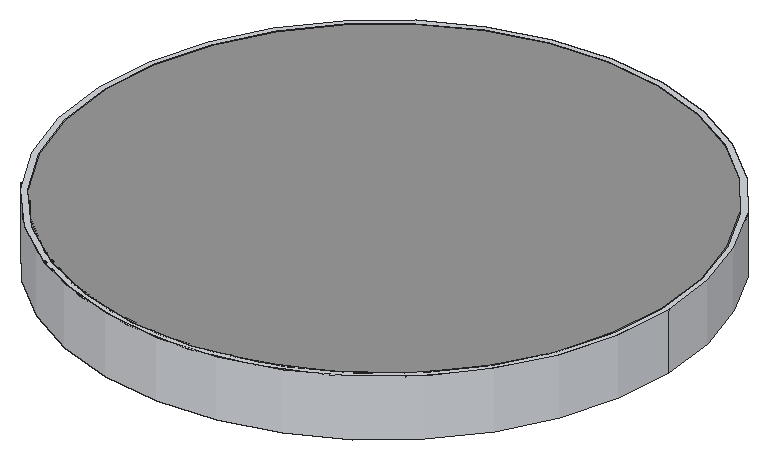
Revit family "2071164", category Lighting Fixtures, host Face, Revit 2018
Family settings
  Host = Face
  Round Connector Dimension = Use Diameter
  Part Type = Normal
  OmniClass Number = 23.80.70.00
  OmniClass Title = Lighting
  Cut with Voids When Loaded = No
  Light Source = Yes
  Shared = No
  Room Calculation Point = No
Parameters (values of type "2071164 COLOSSAL 600 830 OP DIR WHT DALI EM")
  iner diameter = 588 mm
  Weight = "n/a"
  Wattage Comments = ""
  Wattage = 30 W
  WarrantyStartDate [instance] = "n/a"
  WarrantyGuarantorParts = "n/a"
  WarrantyDurationUnit = "n/a"
  WarrantyDurationParts = ""
  WarrantyDescription = "http://www.sylvania-lighting.com"
  built-in parameter 1150110 = 1 (stored number, unit not read)
  Voltage = 230 V
  URL = "0.99"
  TypeName = "COLOSSAL 600mm 830 OPAL DIR WHITE DALI EM"
  Type Image = <None>
  Type Comments = "n/a"
  built-in parameter 1114217 = 1 (stored number, unit not read)
  Tilt Angle = -90.00°
  built-in parameter 1150109 = 1 (stored number, unit not read)
  built-in parameter 1150134 = (empty or 0)
  built-in parameter 1150113 = 1 (stored number, unit not read)
  SerialNumber [instance] = "n/a"
  Photometric Web File = "2071164.ies"
  Material_3_SYL = LED-Sylvania
  PowerFactor = 0
  PowerConsumption = "Lighting"
  NominalLength = 600 mm
  NominalHeight = 93 mm
  NominalDepth = 600 mm
  Name = "COLOSSAL 600mm 830 OPAL DIR WHITE DALI EM"
  ModelReference = Name  # "COLOSSAL 600mm 830 OPAL DIR WHITE DALI EM"
  ModelNumber = "2071164"
  Model = Name  # "COLOSSAL 600mm 830 OPAL DIR WHITE DALI EM"
  Material = "Feilo Sylvania"
  ManufacturerName = "124 lm/W"
  Manufacturer = ""
  LuminousEfficacy = ""
  built-in parameter 1150105 = 270.44 (stored number, unit not read)
  Lumens = 3398.4 lm
  LuminaireType = "0"
  built-in parameter 1150115 = 1 (stored number, unit not read)
  LightOutputRatio = "LED"
  built-in parameter 1150137 = (empty or 0)
  built-in parameter 1150139 = (empty or 0)
  LampsType = Lamp  # "n/a"
  LampNominalLuminous = "3000 K"
  LampMacAdamStep = "80"
  LampColourTemperature = "LED"
  LampColourRenderingIndex = "16500"
  built-in parameter 1150112 = 1 (stored number, unit not read)
  built-in parameter 1150114 = 1 (stored number, unit not read)
  Lamp = "n/a"
  Keynote = "n/a"
  InstallationDate [instance] = "n/a"
  InputVoltage = "0"
  InputNominalFrequency = "3000"
  built-in parameter 1150132 = (empty or 0)
  built-in parameter 1150102 = (empty or 0)
  built-in parameter 1150107 = 3000 (stored number, unit not read)
  built-in parameter 1150138 = (empty or 0)
  IngressProtection = "IfcLightFixtureType"
  ImpactProtectionIndex = "IfcLightFixtureType"
  built-in parameter 1150106 = 2.7044 (stored number, unit not read)
  IfcExportType = "IfcLightFixtureType"
  IfcExportAs = "Class I"
  Emit from Circle Diameter = 385 mm
  Emit Shape Visible in Rendering = no
  ElectricShockClassification = "124"
  built-in parameter 1150104 = 10.524 (stored number, unit not read)
  DocumentationLiterature = "http://www.sylvania-lighting.com/product/en-int/products/2071164"
  DimmingControlOptions = "n/a"
  Material_2_SYL = Polycarbonate_Sylvania_White
  Dimming Lamp Color Temperature Shift = <None>
  Description = "600mm diameter circular architectural luminaire, can be surface mounted or suspended. Powder coated aluminium housing (RAL9016) with polycarbonate opal diffuser. Direct light distribution, 5075lm luminuous flux, 41W system power, 124lm/W luminiaire efficacy. DALI dimmable. 3 hours integrated emergency. Colour rendering index Ra >80, 3000K Warm White LED, chromaticity tolerance of 3-step MacAdam ellipse. IP40, IK03. 450mA drive current. Electrical protection Class1, 220-240V. Reported lifetime 66k hours L90B10."
  Default Elevation = 1219.2 mm
  CreatedOn = "23/03/2022"
  CreatedBy = "@sylvania-lighting.com"
  Cost = 0
  Color Filter = 16777215
  built-in parameter 1114216 [instance] = (empty or 0)
  ClassificationValue = "EF_70_80"
  ClassificationName = "Uniclass2015"
  Material_1_SYL = Polycarbonate_Sylvania_Opal
  BarCode [instance] = "n/a"
  built-in parameter 1114218 = 1 (stored number, unit not read)
  built-in parameter 1150133 = 10 (stored number, unit not read)
  AssetType = "Fixed"
  AssetIdentifier [instance] = "n/a"
  Assembly Code = "D5020200"
  Apparent Load = 41 VA
  Material_4_SYL = none
Reference planes
  plane 1 "Center (Front/Back)": y = 0
  plane 2: z = 0
  plane 3 "Center (Left/Right)": x = 0
  plane 4: x = -300
  plane 5: x = 300
  plane 6: y = 300
  plane 7: y = -300
  plane 8: y = 212
  plane 9: y = -212
  plane 10: z = 93
  plane 11: y = 294
  plane 12: y = -294
  plane 13: through (0, 0, 1219.2) normal (0.5, -0.866, 0)
  plane 14: through (-134.29, 20.617, 1219.2) normal (0.5, -0.866, 0)
  plane 15: through (-144.685, -181.683, 1219.2) normal (-0.5, 0.866, 0)
  plane 16: through (0, 0, 1219.2) normal (0.5, 0.866, 0)
  plane 17: through (178.555, -4.939, 1219.2) normal (0.5, 0.866, 0)
  plane 18: through (87.581, -148.715, 1219.2) normal (0.5, 0.866, 0)
  plane 19: y = 272
  plane 20: through (105.168, 227.067, 1219.2) normal (0.866, 0.5, 0)
  plane 21: through (-104.171, 225.672, 1219.2) normal (0.8572, -0.515, 0)
  plane 22: y = -204.612
  plane 23: through (-296.643, -30.2, 1219.2) normal (0.866, 0.5, 0)
  plane 24: through (153.092, -278.837, 1219.2) normal (-0.866, 0.5, 0)
Forms (mm)
  Extrusion 1, solid, detail levels medium+fine
    sketch origin (0, 0, 0) x (1, 0, 0) y (0, 1, 0)
      loop
        circle (0, 0) r 300
    from 33.023 to 93
  Extrusion 2, void
    sketch origin (0, 0, 0) x (1, 0, 0) y (0, 1, 0)
      loop
        circle (0, 0) r 294
    from 93 to 37.292
  Extrusion 3, solid, material "Glass, White, High Luminance", detail levels fine
    sketch origin (0, 0, 0) x (1, 0, 0) y (0, 1, 0)
      loop
        circle (0, 0) r 294
    from 88.026 to 93
  Extrusion 4, solid, detail levels coarse
    sketch origin (0, 0, 0) x (1, 0, 0) y (0, 1, 0)
      loop
        line (-300, 300) -> (-300, -300) -> (300, -300) -> (300, 300) -> (-300, 300)
    from 0 to 93
  Blend 5, solid, detail levels medium+fine
    base sketch origin (0, 0, 0) x (1, 0, 0) y (0, 1, 0)
      loop
        line (-76.334, 272) -> (-277.665, -63.07) -> (-195.946, -204.612) -> (195.946, -204.612) -> (275.172, -67.388) -> (79.226, 272) -> (-76.334, 272)
    top sketch origin (0, 0, 0) x (1, 0, 0) y (0, 1, 0)
      loop
        line (-226.097, -32.388) -> (-141.097, -179.612) -> (141.097, -179.612) -> (226.097, -32.388) -> (85, 212) -> (-85, 212) -> (-226.097, -32.388)
    from 33.023 to 0
Cuts and joins
  Extrusion 2 cuts Extrusion 1
Lines and regions (mm)
  model lines
    curve 1: line (-85, 212, 0) -> (0, 212, 0)
    curve 2: line (0, 212, 0) -> (85, 212, 0)
Dimensions and locks
  "NominalDepth": plane 6 to plane 7
  "NominalLength": plane 4 to plane 5
  equal spacing: plane 4, plane 3 "Center (Left/Right)", plane 5
  "iner diameter": plane 11 to plane 12
  equal spacing: plane 11, plane 1 "Center (Front/Back)", plane 12
  equal spacing: plane 6, plane 1 "Center (Front/Back)", plane 7
  "NominalHeight": plane 10 to level
  radius of Extrusion 2 sketch curve = 294 mm
  aligned and locked: plane 2 to host face
  aligned and locked: level to host face
Automatic sketch dimensions
  host sketch curve to host sketch curve = 2438.4 mm  (x2)
  plane 1 "Center (Front/Back)" to Extrusion 1 sketch curve = 0 mm
  Extrusion 1 sketch curve to plane 3 "Center (Left/Right)" = 0 mm
  plane 1 "Center (Front/Back)" to Extrusion 2 sketch curve = 0 mm
  Extrusion 2 sketch curve to plane 3 "Center (Left/Right)" = 0 mm
  plane 1 "Center (Front/Back)" to Extrusion 3 sketch curve = 0 mm
  Extrusion 3 sketch curve to plane 3 "Center (Left/Right)" = 0 mm
  Extrusion 4 sketch curve to plane 4 = 0 mm
  Extrusion 4 sketch curve to plane 5 = 0 mm
  Extrusion 4 sketch curve to plane 7 = 0 mm
  Extrusion 4 sketch curve to plane 6 = 0 mm
  Blend 5 sketch curve to plane 8 = 0 mm
  Blend 5 sketch curve to plane 3 "Center (Left/Right)" = 85 mm
  plane 3 "Center (Left/Right)" to Blend 5 sketch curve = 85 mm
  plane 9 to Blend 5 sketch curve = 32.388 mm
  plane 3 "Center (Left/Right)" to Blend 5 sketch curve = 141.097 mm
  plane 1 "Center (Front/Back)" to Blend 5 sketch curve = 32.388 mm  (x2)
  Blend 5 sketch curve to plane 5 = 73.903 mm
  Blend 5 sketch curve to plane 3 "Center (Left/Right)" = 141.097 mm
  plane 4 to Blend 5 sketch curve = 73.903 mm
  curve 1 to plane 8 = 0 mm
  curve 2 to plane 3 "Center (Left/Right)" = 0 mm
  curve 1 to plane 3 "Center (Left/Right)" = 85 mm
  curve 1 to curve 2 = 85 mm
  Blend 5 sketch curve to plane 21 = 0 mm
  Blend 5 sketch curve to plane 23 = 0 mm  (x2)
  Blend 5 sketch curve to plane 22 = 0 mm
  Blend 5 sketch curve to plane 19 = 0 mm
  plane 21 to Blend 5 sketch curve = 0 mm
  Blend 5 sketch curve to plane 20 = 0 mm  (x2)
  Blend 5 sketch curve to plane 24 = 0 mm  (x2)
  radius of Extrusion 1 sketch curve = 300 mm
  radius of Extrusion 3 sketch curve = 294 mm
Connectors
  electrical at (0, 0, 0), driven by "Apparent Load", driven by "PowerFactor", driven by "Voltage"
    settings: index 1, voltage 230 V, apparent load 41 VA, apparent load phase1 0 VA, apparent load phase2 0 VA, apparent load phase3 0 VA, power factor 0, load classification "Lighting", number of poles 1, system type 30, power factor state 1, is connector primary yes, connector utility no, sub classification motor no, connector description ""
